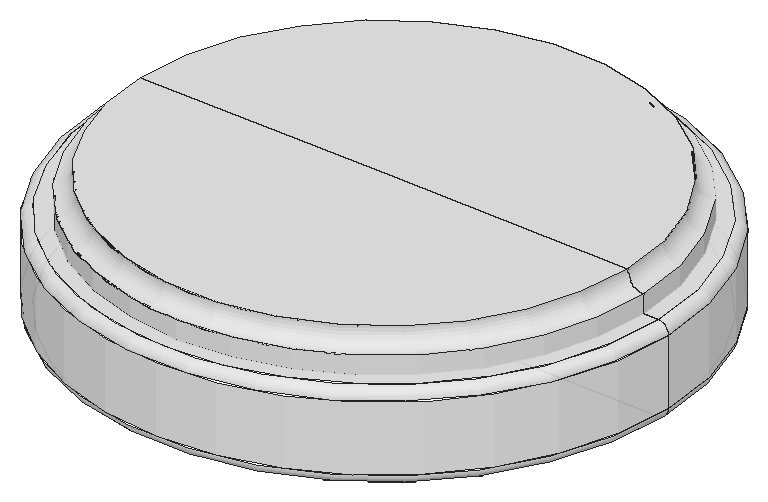
Revit family "3-649-xx - Rhythm Ceiling Mount", category Lighting Fixtures, host Ceiling, Revit 2018
Family settings
  Host = Ceiling
  Round Connector Dimension = Use Diameter
  Part Type = Normal
  OmniClass Number = 23.80.70.11
  OmniClass Title = Luminaries for Internal Lighting
  Always vertical = Yes
  Cut with Voids When Loaded = No
  Light Source = Yes
  Shared = No
  Room Calculation Point = No
Parameters (values of type "3-649-6 / White - Matte White Acrylic")
  Wattage Comments = "2 x 10.1 W at 120 V"  # constant formula
  Wattage = 9.2903 W
  built-in parameter 1150110 = 1 (stored number, unit not read)
  Voltage Input = "120 V or 277 V - 50/60 Hz"  # constant formula
  Voltage = 120 V
  URL = "www.oxygenlighting.com"
  built-in parameter 1114217 = 1 (stored number, unit not read)
  built-in parameter 1150109 = 1 (stored number, unit not read)
  built-in parameter 1150134 = (empty or 0)
  built-in parameter 1150113 = 1 (stored number, unit not read)
  References = "Ref. 3 = 120 V / Ref. 37 = 277 V"  # constant formula
  Model = "3-649-xx / Rhythm Ceiling Mount"  # constant formula
  Metal Finish = 6 - White
  Manufacturer = "Oxygen Lighting and Fans"  # constant formula
  Main Diffuser = Matte White Acrylic
  Lumens = 1380 lm
  built-in parameter 1150115 = 1 (stored number, unit not read)
  built-in parameter 1150105 = 109.82 (stored number, unit not read)
  Light Source Symbol Size = 609.6 mm
  built-in parameter 1150137 = (empty or 0)
  built-in parameter 1150139 = (empty or 0)
  built-in parameter 1150112 = 1 (stored number, unit not read)
  built-in parameter 1150114 = 1 (stored number, unit not read)
  Lamp = "LED Array"  # constant formula
  built-in parameter 1150132 = 2
  built-in parameter 1150102 = (empty or 0)
  built-in parameter 1150138 = (empty or 0)
  built-in parameter 1150107 = 3000 (stored number, unit not read)
  built-in parameter 1150106 = 1.0982 (stored number, unit not read)
  built-in parameter 1150104 = 13.8 (stored number, unit not read)
  Dimming Lamp Color Temperature Shift = <None>
  Color Filter = 16777215
  built-in parameter 1114218 = 1 (stored number, unit not read)
  built-in parameter 1150133 = 10 (stored number, unit not read)
Reference planes
  plane 1 "Light Source Axis (F/B)": y = 0
  plane 2: z = 0
  plane 3 "Light Source Axis (L/R)": x = 0
  plane 4 "Ceiling": z = 4000
  plane 5 "Light Source Elevation": z = 3950
Dimensions and locks
  equal spacing: host sketch curve, plane 3 "Light Source Axis (L/R)", host sketch curve
  equal spacing: host sketch curve, plane 1 "Light Source Axis (F/B)", host sketch curve
  host sketch curve to host sketch curve = 4000 mm  (x2)
  plane 4 "Ceiling" to host ceiling = 0 mm
  locked: plane 5 "Light Source Elevation" to plane 4 "Ceiling" at 50
  aligned and locked: plane 3 "Light Source Axis (L/R)" to imposter light
  aligned and locked: plane 1 "Light Source Axis (F/B)" to imposter light
  aligned and locked: plane 5 "Light Source Elevation" to imposter light
  aligned and locked: plane 3 "Light Source Axis (L/R)" to nested 1
  aligned and locked: plane 1 "Light Source Axis (F/B)" to nested 1
  aligned and locked: plane 4 "Ceiling" to nested 1
Nested families
  nested 1: "Base" at (0, 0, 4000), type "Base"
Connectors
  electrical at (0, 0, 4000), driven by "Voltage"
    settings: on nested 1, index 1, voltage 120 V, apparent load 0 VA, apparent load phase1 0 VA, apparent load phase2 0 VA, apparent load phase3 0 VA, power factor 1, load classification "Other", number of poles 1, system type 31, power factor state 1, is connector primary yes, connector utility no, sub classification motor no, connector description ""
Definition of nested family "Base"
  Parameters (values of type "Base")
    Metal Finish = none
    Main Diffuser = none
  Reference planes
    plane 1 "Center (Front/Back)": y = 0
    plane 2: z = 0
    plane 3 "Center (Left/Right)": x = 0
  Forms (mm)
    Revolve 1, solid, material <- "Main Diffuser"
      sketch origin (0, 0, 0) x (1, 0, 0) y (0, 0, 1)
        loop
          arc (-171.663, -22.183) -> (-176.153, -24.043) -> (-178.013, -28.533) r 6.35
          line (-178.013, -28.533) -> (-178.013, -69.85)
          arc (-178.013, -69.85) -> (-176.153, -74.34) -> (-171.663, -76.2) r 6.35
          line (-171.663, -76.2) -> (0, -76.2) -> (0, -22.183) -> (-171.663, -22.183)
        axis (0, -22.183) -> (0, -76.2)
      angle from 0 to 360
    Revolve 2, solid, material <- "Metal Finish"
      sketch origin (0, 0, 0) x (1, 0, 0) y (0, 0, 1)
        loop
          line (-162.085, -22.183) -> (0, -22.183) -> (0, 0) -> (-152.517, 0)
          arc (-152.517, 0) -> (-154.761, -7.737) -> (-162.085, -11.091) r 9.672
          line (-162.085, -11.091) -> (-162.085, -22.183)
        axis (0, 0) -> (0, -22.183)
      angle from 0 to 360
  Dimensions and locks
    aligned and locked: level to plane 2
